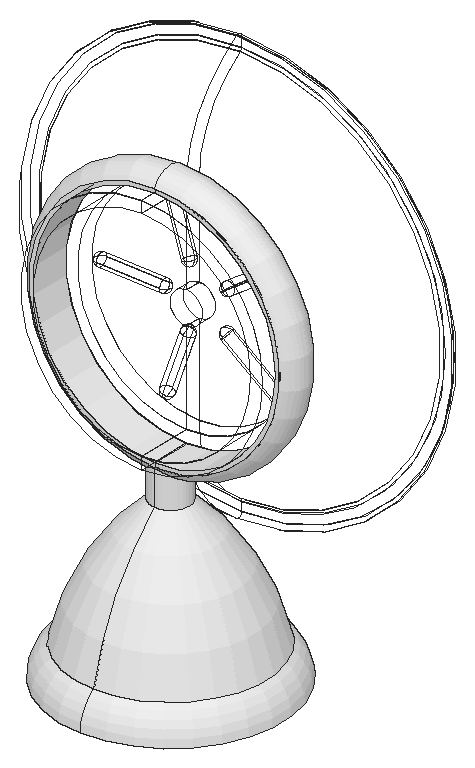
Revit family "Soap Holder-Wall-Stylus Venecia", category Specialty Equipment, host Face, Revit 2013
Parameters (values of type "Standard")
  URL = "http://www.stylus.com.au/"
  Type Comments = "Stylus Venecia Soap Holder"  # constant formula
  ModifiedIssue_ANZRS = 2013.1  # constant formula
  Model = "631404C"  # constant formula
  Material_ANZRS = Metal-Chrome-Caroma
  Manufacturer = "GWA Bathrooms & Kitchens"  # constant formula
  Length_ANZRS = 107 mm  # constant formula
  Glazing = Glass-Clear-Caroma
  Description = ""
  Default Elevation = 1000 mm
  CreatedBy_ANZRS = "Design Content"  # constant formula
  CreatedByURL_ANZRS = "www.designcontent.com.au"
  Cost = 0
  Assembly Code = "C1030200"
Reference planes
  plane 1 "Center (Elevation)": y = 0
  plane 2 "Back": z = 0
  plane 3 "Center (Left/Right)": x = 0
  plane 4 "Left": x = -53.5
  plane 5 "Right": x = 53.5
  plane 6 "Bottom": y = -27.981
  plane 7 "Top": y = 27.946
  plane 8 "Front": z = 133.8
Forms (mm)
  Revolve 1, solid, material "Glass-Clear-Caroma" <- "Glazing"
    sketch origin (0, -1.193, 1.471) x (0, 1, 0) y (0, 0, 1)
      loop
        line (-7.649, 108.488) -> (-7.649, 105.488) -> (6.174, 105.488) -> (6.174, 82.5) -> (10.174, 82.5) -> (10.174, 105.188)
        arc (10.174, 105.188) -> (13.563, 118.307) -> (22.882, 128.143) r 27.085
        arc (22.882, 128.143) -> (23.226, 128.506) -> (23.351, 128.99) r 1
        line (23.351, 128.99) -> (23.351, 131.315)
        arc (23.351, 131.315) -> (22.852, 132.182) -> (21.851, 132.186) r 1.003
        arc (21.851, 132.186) -> (11.245, 122.204) -> (6.35, 108.488) r 31.085
        line (6.35, 108.488) -> (-7.649, 108.488)
      axis (23.351, 78.5) -> (-7.649, 78.5)
    angle from 0 to 360
  Revolve 2, solid, material "Metal-Chrome-Caroma" <- "Material_ANZRS"
    sketch origin (0, 0, 0) x (0, 1, 0) y (0, 0, 1)
      loop
        line (0, 0) -> (27.946, 0)
        arc (27.946, 0) -> (26.862, 4.457) -> (23.949, 8) r 10.289
        arc (23.949, 8) -> (16.899, 25.527) -> (4.757, 40) r 60.102
        line (4.757, 40) -> (4.757, 49.149) -> (0, 49.149) -> (0, 0)
      axis (0, 49.149) -> (0, 0)
    angle from 0 to 360
  Revolve 3, solid, material "Glass-Clear-Caroma" <- "Glazing"
    sketch origin (22.951, -0.258, 4.901) x (0, 1, 0) y (-0.292372, 0, 0.956305)
      loop
        arc (9.333, 85.537) -> (10.465, 86.005) -> (10.933, 87.137) r 1.6
        line (10.933, 87.137) -> (10.933, 102.852)
        arc (10.933, 102.852) -> (10.465, 103.984) -> (9.333, 104.452) r 1.6
        line (9.333, 104.452) -> (9.333, 85.537)
      axis (9.333, 85.537) -> (9.333, 104.452)
    angle from 0 to 360
  Revolve 4, solid, material "Glass-Clear-Caroma" <- "Glazing"
    sketch origin (-64.303, -0.258, 34.945) x (0, 1, 0) y (0.819152, 0, 0.573576)
      loop
        arc (9.333, 85.537) -> (10.465, 86.005) -> (10.933, 87.137) r 1.6
        line (10.933, 87.137) -> (10.933, 102.852)
        arc (10.933, 102.852) -> (10.465, 103.984) -> (9.333, 104.452) r 1.6
        line (9.333, 104.452) -> (9.333, 85.537)
      axis (9.333, 85.537) -> (9.333, 104.452)
    angle from 0 to 360
  Revolve 5, solid, material "Glass-Clear-Caroma" <- "Glazing"
    sketch origin (-62.693, -0.258, 127.213) x (0, 1, 0) y (0.798636, 0, -0.601815)
      loop
        arc (9.333, 85.537) -> (10.465, 86.005) -> (10.933, 87.137) r 1.6
        line (10.933, 87.137) -> (10.933, 102.852)
        arc (10.933, 102.852) -> (10.465, 103.984) -> (9.333, 104.452) r 1.6
        line (9.333, 104.452) -> (9.333, 85.537)
      axis (9.333, 85.537) -> (9.333, 104.452)
    angle from 0 to 360
  Revolve 6, solid, material "Glass-Clear-Caroma" <- "Glazing"
    sketch origin (78.488, -0.258, 78.601) x (0, 1, 0) y (0.999848, 0, -0.017452)
      loop
        line (9.333, -85.537) -> (9.333, -104.452)
        arc (9.333, -104.452) -> (10.465, -103.984) -> (10.933, -102.852) r 1.6
        line (10.933, -102.852) -> (10.933, -87.137)
        arc (10.933, -87.137) -> (10.465, -86.005) -> (9.333, -85.537) r 1.6
      axis (9.333, -85.537) -> (9.333, -104.452)
    angle from 0 to 360
  Revolve 7, solid, material "Glass-Clear-Caroma" <- "Glazing"
    sketch origin (25.557, -0.258, 154.194) x (0, 1, 0) y (0.325568, 0, 0.945519)
      loop
        line (9.333, -85.537) -> (9.333, -104.452)
        arc (9.333, -104.452) -> (10.465, -103.984) -> (10.933, -102.852) r 1.6
        line (10.933, -102.852) -> (10.933, -87.137)
        arc (10.933, -87.137) -> (10.465, -86.005) -> (9.333, -85.537) r 1.6
      axis (9.333, -85.537) -> (9.333, -104.452)
    angle from 0 to 360
  Revolve 8, solid, material "Metal-Chrome-Caroma" <- "Material_ANZRS"
    sketch origin (0, 40.243, -17.904) x (0, 1, 0) y (0, 0, 1)
      loop
        line (-45.211, 128.905) -> (-45.211, 127.905) -> (-35.311, 127.905) -> (-35.311, 128.905)
        arc (-35.311, 128.905) -> (-40.261, 131.905) -> (-45.211, 128.905) r 5.584
      axis (-35.311, 97.875) -> (-45.211, 97.875)
    angle from 0 to 360
Cuts and joins
  joined: Revolve 2, Revolve 8
Dimensions and locks
  aligned and locked: plane 2 "Back" to host face
  aligned and locked: level to host face
